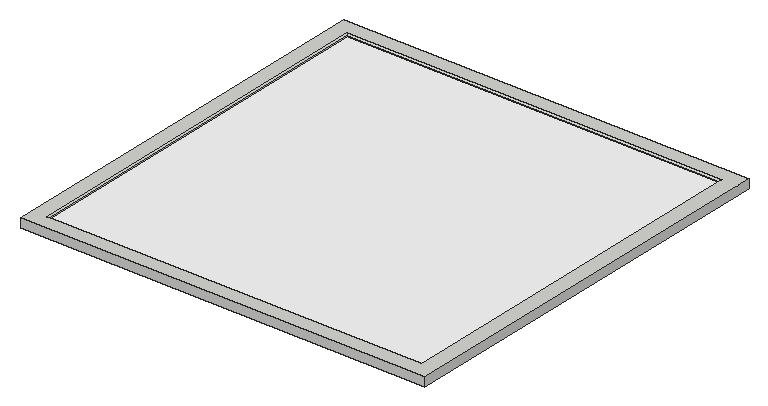
Revit family "Siella_G5 600x600", category Lighting Fixtures, host Face, Revit 2018
Family settings
  Host = Face
  Round Connector Dimension = Use Diameter
  Part Type = Normal
  OmniClass Number = 23.80.70.14
  OmniClass Title = Luminaries for External Lighting
  Cut with Voids When Loaded = No
  Light Source = No
  Shared = Yes
  Room Calculation Point = No
Parameters (values of type "Siella G5 M73 OTA19 LED3400-830 ET")
  w_offset = w - 24.2 mm * 2  # 546.6 mm
  w = 595 mm
  l_offset = l - 24.2 mm * 2  # 546.6 mm
  Light Source = Siella_G5_LS : TX060598
  LS_offset = 1 mm  # constant formula
  l = 595 mm
  h = 13 mm
  Weight = 2
  URL = "http://www.trilux.com/TOC/7164840"
  TOC = "7164840"
  TK = "10175383"
  Safety class = "I"
  SEO = TRILUX_WH_3000
  Model = ""
  Mat = TRILUX_RAL9016
  Manufacturer = "TRILUX"  # constant formula
  Luminous flux of luminaire (lm) = "3400"
  Lamp_0 = "LED"
  Lamp = Lamp_0  # "LED"
  Dimming/Balast = "ET"
  Degree of protection = "IP40"
  Default Elevation = 0 mm
  Connection Load = 33 VA
  Colour temperature (K) = "3000"
  Color = "RAL9016 Verkehrsweiß"
  CRI = "80"
  CENFluxCode = "58 85 97 100 100 0 0 0 0"
  Apparent Load = Connection Load  # 33 VA
Types (16, lengths in mm): name | Light Source | Weight | URL | TOC | TK | SEO | Luminous flux of luminaire (lm) | Dimming/Balast | Colour temperature (K) | CENFluxCode
  Siella G5 M73 OTA22 LED3600-840 ETDD TWW | Siella_G5_LS : TX060605 | 2.2 | "http://www.trilux.com/TOC/7164551" | "7164551" | "10175378" | TRILUX_WH_4000 | "3600" | "ETDD" | "4000" | "47 78 95 100 100 0 0 0 0"
  Siella G5 M73 OTA22 LED3600-840 ET TWW | Siella_G5_LS : TX060605 | 2.2 | "http://www.trilux.com/TOC/7164540" | "7164540" | "10175377" | TRILUX_WH_4000 | "3600" | "ET" | "4000" | "47 78 95 100 100 0 0 0 0"
  Siella G5 M73 OTA22 LED3600-840 ETDD | Siella_G5_LS : TX060604 | 2 | "http://www.trilux.com/TOC/7164451" | "7164451" | "10175376" | TRILUX_WH_4000 | "3600" | "ETDD" | "4000" | "47 78 95 100 100 0 0 0 0"
  Siella G5 M73 OTA22 LED3600-840 ET | Siella_G5_LS : TX060604 | 2 | "http://www.trilux.com/TOC/7164440" | "7164440" | "10175375" | TRILUX_WH_4000 | "3600" | "ET" | "4000" | "47 78 95 100 100 0 0 0 0"
  Siella G5 M73 OTA22 LED3400-830 ETDD TWW | Siella_G5_LS : TX060603 | 2.2 | "http://www.trilux.com/TOC/7164351" | "7164351" | "10175374" | TRILUX_WH_3000 | "3400" | "ETDD" | "3000" | "47 78 95 100 100 0 0 0 0"
  Siella G5 M73 OTA22 LED3400-830 ET TWW | Siella_G5_LS : TX060603 | 2.2 | "http://www.trilux.com/TOC/7164340" | "7164340" | "10175373" | TRILUX_WH_3000 | "3400" | "ET" | "3000" | "47 78 95 100 100 0 0 0 0"
  Siella G5 M73 OTA22 LED3400-830 ETDD | Siella_G5_LS : TX060602 | 2 | "http://www.trilux.com/TOC/7164251" | "7164251" | "10175372" | TRILUX_WH_3000 | "3400" | "ETDD" | "3000" | "47 78 95 100 100 0 0 0 0"
  Siella G5 M73 OTA22 LED3400-830 ET | Siella_G5_LS : TX060602 | 2 | "http://www.trilux.com/TOC/7164240" | "7164240" | "10175371" | TRILUX_WH_3000 | "3400" | "ET" | "3000" | "47 78 95 100 100 0 0 0 0"
  Siella G5 M73 OTA19 LED3600-840 ETDD TWW | Siella_G5_LS : TX060601 | 2.2 | "http://www.trilux.com/TOC/7165151" | "7165151" | "10175390" | TRILUX_WH_4000 | "3600" | "ETDD" | "4000" | "58 85 97 100 100 0 0 0 0"
  Siella G5 M73 OTA19 LED3600-840 ET TWW | Siella_G5_LS : TX060601 | 2.2 | "http://www.trilux.com/TOC/7165140" | "7165140" | "10175388" | TRILUX_WH_4000 | "3600" | "ET" | "4000" | "58 85 97 100 100 0 0 0 0"
  Siella G5 M73 OTA19 LED3600-840 ETDD | Siella_G5_LS : TX060600 | 2 | "http://www.trilux.com/TOC/7165051" | "7165051" | "10175389" | TRILUX_WH_4000 | "3600" | "ETDD" | "4000" | "58 85 97 100 100 0 0 0 0"
  Siella G5 M73 OTA19 LED3600-840 ET | Siella_G5_LS : TX060600 | 2 | "http://www.trilux.com/TOC/7165040" | "7165040" | "10175387" | TRILUX_WH_4000 | "3600" | "ET" | "4000" | "58 85 97 100 100 0 0 0 0"
  Siella G5 M73 OTA19 LED3400-830 ETDD TWW | Siella_G5_LS : TX060599 | 2.2 | "http://www.trilux.com/TOC/7164951" | "7164951" | "10175386" | TRILUX_WH_3000 | "3400" | "ETDD" | "3000" | "58 85 97 100 100 0 0 0 0"
  Siella G5 M73 OTA19 LED3400-830 ET TWW | Siella_G5_LS : TX060599 | 2 | "http://www.trilux.com/TOC/7164940" | "7164940" | "10175384" | TRILUX_WH_3000 | "3400" | "ET" | "3000" | "58 85 97 100 100 0 0 0 0"
  Siella G5 M73 OTA19 LED3400-830 ETDD | Siella_G5_LS : TX060598 | 2 | "http://www.trilux.com/TOC/7164851" | "7164851" | "10175385" | TRILUX_WH_3000 | "3400" | "ETDD" | "3000" | "58 85 97 100 100 0 0 0 0"
  Siella G5 M73 OTA19 LED3400-830 ET | Siella_G5_LS : TX060598 | 2 | "http://www.trilux.com/TOC/7164840" | "7164840" | "10175383" | TRILUX_WH_3000 | "3400" | "ET" | "3000" | "58 85 97 100 100 0 0 0 0"
Reference planes
  plane 1 "Center (Front/Back)": y = 0
  plane 2: z = 0
  plane 3 "Center (Left/Right)": x = 0
  plane 4: x = 297.5
  plane 5: x = -297.5
  plane 6: y = 297.5
  plane 7: y = -297.5
  plane 8 "h": z = -13
  plane 9: x = -273.3
  plane 10: x = 273.3
  plane 11: y = -273.3
  plane 12: y = 273.3
Forms (mm)
  Extrusion 1, void
    sketch origin (0, 0, 0) x (1, 0, 0) y (0, 1, 0)
      loop
        line (-297.5, 297.5) -> (-297.5, -297.5) -> (297.5, -297.5) -> (297.5, 297.5) -> (-297.5, 297.5)
    from 0 to -50
  Sweep 2, solid, material "TRILUX_RAL9016" <- "Mat"
    path origin (0, 0, 0) x (1, 0, 0) y (0, 1, 0)
      loop
        line (-297.5, 297.5) -> (-297.5, -297.5) -> (297.5, -297.5) -> (297.5, 297.5) -> (-297.5, 297.5)
    profile origin (0, 297.5, 0) x (0, 1, 0) y (0, 0, 1)
      loop
        line (0, 0) -> (-22, 0) -> (-24.2, -2.2) -> (-24.2, -13) -> (0, -13) -> (0, 0)
  Extrusion 3, solid, material "TRILUX_RAL9016" <- "Mat"
    sketch origin (0, 0, -13) x (-1, 0, 0) y (0, -1, 0)
      loop
        line (273.3, -273.3) -> (273.3, 273.3) -> (-273.3, 273.3) -> (-273.3, -273.3) -> (273.3, -273.3)
    from 0 to 6.5
  Extrusion 4, solid, material "TRILUX_WH_3000" <- "SEO"
    sketch origin (0, 0, -6.5) x (-1, 0, 0) y (0, -1, 0)
      loop
        line (273.3, -273.3) -> (273.3, 273.3) -> (-273.3, 273.3) -> (-273.3, -273.3) -> (273.3, -273.3)
    from 0 to 4.3
Cuts and joins
  joined: Sweep 2, Extrusion 3
Dimensions and locks
  equal spacing: plane 7, plane 1 "Center (Front/Back)", plane 6
  "w": plane 7 to plane 6
  equal spacing: plane 5, plane 3 "Center (Left/Right)", plane 4
  "l": plane 5 to plane 4
  "h": level to plane 8 "h"
  "w_offset": plane 12 to plane 11
  equal spacing: plane 12, plane 1 "Center (Front/Back)", plane 11
  "l_offset": plane 9 to plane 10
  equal spacing: plane 9, plane 3 "Center (Left/Right)", plane 10
  locked: connector elem to cut or joined group of Sweep 2, Extrusion 3 at 25  (x2)
  aligned and locked: plane 2 to host face
  aligned and locked: level to host face
  aligned and locked: plane 6 to Extrusion 1 sketch curve
  aligned and locked: plane 5 to Extrusion 1 sketch curve
  aligned and locked: Extrusion 1 sketch curve to plane 7
  aligned and locked: Extrusion 1 sketch curve to plane 4
  aligned and locked: plane 6 to Sweep 2 sketch curve
  aligned and locked: plane 5 to Sweep 2 sketch curve
  aligned and locked: Sweep 2 sketch curve to plane 7
  aligned and locked: Sweep 2 sketch curve to plane 4
  aligned and locked: Sweep 2 sketch curve to plane 12
  aligned and locked: Sweep 2 sketch curve to plane 6
  aligned and locked: Sweep 2 sketch curve to level
  aligned and locked: Extrusion 3 sketch curve to Sweep 2  (x4)
  aligned and locked: Extrusion 3 to plane 8 "h"
  aligned and locked: Extrusion 4 sketch curve to cut or joined group of Sweep 2, Extrusion 3  (x4)
  aligned and locked: Extrusion 4 to cut or joined group of Sweep 2, Extrusion 3
Automatic sketch dimensions
  host sketch curve to host sketch curve = 2438.4 mm  (x2)
  Sweep 2 sketch curve to level = 2.2 mm
  Sweep 2 sketch curve to Sweep 2 sketch curve = 2.2 mm
  Sweep 2 sketch curve to Sweep 2 sketch curve = 13 mm
Nested families
  nested 1: "Siella_G5_LS" at (0, 0, 1), built-in parameter 1001364 <- "LS_offset", type <- "Light Source", type "TX060598"
Connectors
  electrical at (-248.3, -248.3, -13), driven by "Apparent Load"
    settings: index 1, voltage 230 V, apparent load 0 VA, apparent load phase1 33 VA, apparent load phase2 0 VA, apparent load phase3 0 VA, power factor 1, load classification "Sonstige", number of poles 1, system type 31, power factor state 1, is connector primary yes, connector utility no, sub classification motor no, connector description ""
Definition of nested family "Siella_G5_LS"
  Parameters (values of type "TX060609")
    Wattage = 24.2356 W
    built-in parameter 1150110 = 1 (stored number, unit not read)
    built-in parameter 1114217 = 1 (stored number, unit not read)
    Tilt Angle = -90.00°
    built-in parameter 1150109 = 1 (stored number, unit not read)
    built-in parameter 1150134 = 12
    built-in parameter 1150113 = 1 (stored number, unit not read)
    Photometric Web File = "TX060597.ies"
    built-in parameter 1150142 = "IESNA:LM-63-1995\r\n[TEST] \"R218152EkL\" BY: TRILUX LIS - Leuchten-Informationssystem\r\n[DATE] \"26.03.2018-K”stens\"\r\n[MANUFAC] TRILUX GmbH & Co. KG\r\n[LUMCAT] Siella G5 M46 OTA19 LED3600-840\r\n[LUMINAIRE]\r\n[LAMPCAT] 1 x LED\r\n[LAMP] 1 x LED\r\nTILT=NONE\r\n1 3600 3.6 73 37 1 2 1.147 0.247 0.000\r\n1.00 1.00 33.0\r\n0 2.5 5 7.5 10 12.5 15 17.5 20 22.5 25 27.5 30 32.5 35 37.5 40 42.5 45 47.5 \r\n50 52.5 55 57.5 60 62.5 65 67.5 70 72.5 75 77.5 80 82.5 85 87.5 90 92.5 95 \r\n97.5 100 102.5 105 107.5 110 112.5 115 117.5 120 122.5 125 127.5 130 132.5 \r\n135 137.5 140 142.5 145 147.5 150 152.5 155 157.5 160 162.5 165 167.5 170 \r\n172.5 175 177.5 180 \r\n0 2.5 5 7.5 10 12.5 15 17.5 20 22.5 25 27.5 30 32.5 35 37.5 40 42.5 45 47.5 \r\n50 52.5 55 57.5 60 62.5 65 67.5 70 72.5 75 77.5 80 82.5 85 87.5 90 \r\n503.76 503.76 501.35 496.74 489.72 480.69 469.45 456.51 441.57 424.31 404.85 \r\n383.09 359.91 335.24 310.26 285.48 261.61 239.04 217.77 198.11 179.96 163 \r\n147.16 132.31 118.17 104.72 81.25 70.45 60.13 50.21 40.96 32.21 24.13 16.74 \r\n10.02 4.09 .39 0 0 0 0 0 0 0 0 0 0 0 0 0 0 0 0 0 0 0 0 0 0 0 0 0 0 0 0 0 0 0 \r\n0 0 0 0 0 \r\n503.76 503.76 501.35 496.74 489.72 480.69 469.45 456.51 441.57 424.31 404.85 \r\n383.09 359.91 335.24 310.26 285.48 261.61 239.04 217.77 198.11 179.96 163 \r\n147.16 132.31 118.17 104.72 81.25 70.45 60.13 50.21 40.96 32.21 24.13 16.74 \r\n10.02 4.09 .39 0 0 0 0 0 0 0 0 0 0 0 0 0 0 0 0 0 0 0 0 0 0 0 0 0 0 0 0 0 0 0 \r\n0 0 0 0 0 \r\n503.76 503.76 501.35 496.74 489.72 480.69 469.45 456.51 441.57 424.31 404.85 \r\n383.09 359.91 335.24 310.26 285.48 261.61 239.04 217.77 198.11 179.96 163 \r\n147.16 132.31 118.17 104.72 81.25 70.45 60.13 50.21 40.96 32.21 24.13 16.74 \r\n10.02 4.09 .39 0 0 0 0 0 0 0 0 0 0 0 0 0 0 0 0 0 0 0 0 0 0 0 0 0 0 0 0 0 0 0 \r\n0 0 0 0 0 \r\n503.76 503.76 501.35 496.74 489.72 480.69 469.45 456.51 441.57 424.31 404.85 \r\n383.09 359.91 335.24 310.26 285.48 261.61 239.04 217.77 198.11 179.96 163 \r\n147.16 132.31 118.17 104.72 81.25 70.45 60.13 50.21 40.96 32.21 24.13 16.74 \r\n10.02 4.09 .39 0 0 0 0 0 0 0 0 0 0 0 0 0 0 0 0 0 0 0 0 0 0 0 0 0 0 0 0 0 0 0 \r\n0 0 0 0 0 \r\n503.76 503.76 501.35 496.74 489.72 480.69 469.45 456.51 441.57 424.31 404.85 \r\n383.09 359.91 335.24 310.26 285.48 261.61 239.04 217.77 198.11 179.96 163 \r\n147.16 132.31 118.17 104.72 81.25 70.45 60.13 50.21 40.96 32.21 24.13 16.74 \r\n10.02 4.09 .39 0 0 0 0 0 0 0 0 0 0 0 0 0 0 0 0 0 0 0 0 0 0 0 0 0 0 0 0 0 0 0 \r\n0 0 0 0 0 \r\n503.76 503.76 501.35 496.74 489.72 480.69 469.45 456.51 441.57 424.31 404.85 \r\n383.09 359.91 335.24 310.26 285.48 261.61 239.04 217.77 198.11 179.96 163 \r\n147.16 132.31 118.17 104.72 81.25 70.45 60.13 50.21 40.96 32.21 24.13 16.74 \r\n10.02 4.09 .39 0 0 0 0 0 0 0 0 0 0 0 0 0 0 0 0 0 0 0 0 0 0 0 0 0 0 0 0 0 0 0 \r\n0 0 0 0 0 \r\n503.76 503.76 501.35 496.74 489.72 480.69 469.45 456.51 441.57 424.31 404.85 \r\n383.09 359.91 335.24 310.26 285.48 261.61 239.04 217.77 198.11 179.96 163 \r\n147.16 132.31 118.17 104.72 81.25 70.45 60.13 50.21 40.96 32.21 24.13 16.74 \r\n10.02 4.09 .39 0 0 0 0 0 0 0 0 0 0 0 0 0 0 0 0 0 0 0 0 0 0 0 0 0 0 0 0 0 0 0 \r\n0 0 0 0 0 \r\n503.76 503.76 501.35 496.74 489.72 480.69 469.45 456.51 441.57 424.31 404.85 \r\n383.09 359.91 335.24 310.26 285.48 261.61 239.04 217.77 198.11 179.96 163 \r\n147.16 132.31 118.17 104.72 81.25 70.45 60.13 50.21 40.96 32.21 24.13 16.74 \r\n10.02 4.09 .39 0 0 0 0 0 0 0 0 0 0 0 0 0 0 0 0 0 0 0 0 0 0 0 0 0 0 0 0 0 0 0 \r\n0 0 0 0 0 \r\n503.76 503.76 501.35 496.74 489.72 480.69 469.45 456.51 441.57 424.31 404.85 \r\n383.09 359.91 335.24 310.26 285.48 261.61 239.04 217.77 198.11 179.96 163 \r\n147.16 132.31 118.17 104.72 81.25 70.45 60.13 50.21 40.96 32.21 24.13 16.74 \r\n10.02 4.09 .39 0 0 0 0 0 0 0 0 0 0 0 0 0 0 0 0 0 0 0 0 0 0 0 0 0 0 0 0 0 0 0 \r\n0 0 0 0 0 \r\n503.76 503.76 501.35 496.74 489.72 480.69 469.45 456.51 441.57 424.31 404.85 \r\n383.09 359.91 335.24 310.26 285.48 261.61 239.04 217.77 198.11 179.96 163 \r\n147.16 132.31 118.17 104.72 81.25 70.45 60.13 50.21 40.96 32.21 24.13 16.74 \r\n10.02 4.09 .39 0 0 0 0 0 0 0 0 0 0 0 0 0 0 0 0 0 0 0 0 0 0 0 0 0 0 0 0 0 0 0 \r\n0 0 0 0 0 \r\n503.76 503.76 501.35 496.74 489.72 480.69 469.45 456.51 441.57 424.31 404.85 \r\n383.09 359.91 335.24 310.26 285.48 261.61 239.04 217.77 198.11 179.96 163 \r\n147.16 132.31 118.17 104.72 81.25 70.45 60.13 50.21 40.96 32.21 24.13 16.74 \r\n10.02 4.09 .39 0 0 0 0 0 0 0 0 0 0 0 0 0 0 0 0 0 0 0 0 0 0 0 0 0 0 0 0 0 0 0 \r\n0 0 0 0 0 \r\n503.76 503.76 501.35 496.74 489.72 480.69 469.45 456.51 441.57 424.31 404.85 \r\n383.09 359.91 335.24 310.26 285.48 261.61 239.04 217.77 198.11 179.96 163 \r\n147.16 132.31 118.17 104.72 81.25 70.45 60.13 50.21 40.96 32.21 24.13 16.74 \r\n10.02 4.09 .39 0 0 0 0 0 0 0 0 0 0 0 0 0 0 0 0 0 0 0 0 0 0 0 0 0 0 0 0 0 0 0 \r\n0 0 0 0 0 \r\n503.76 503.76 501.35 496.74 489.72 480.69 469.45 456.51 441.57 424.31 404.85 \r\n383.09 359.91 335.24 310.26 285.48 261.61 239.04 217.77 198.11 179.96 163 \r\n147.16 132.31 118.17 104.72 81.25 70.45 60.13 50.21 40.96 32.21 24.13 16.74 \r\n10.02 4.09 .39 0 0 0 0 0 0 0 0 0 0 0 0 0 0 0 0 0 0 0 0 0 0 0 0 0 0 0 0 0 0 0 \r\n0 0 0 0 0 \r\n503.76 503.76 501.35 496.74 489.72 480.69 469.45 456.51 441.57 424.31 404.85 \r\n383.09 359.91 335.24 310.26 285.48 261.61 239.04 217.77 198.11 179.96 163 \r\n147.16 132.31 118.17 104.72 81.25 70.45 60.13 50.21 40.96 32.21 24.13 16.74 \r\n10.02 4.09 .39 0 0 0 0 0 0 0 0 0 0 0 0 0 0 0 0 0 0 0 0 0 0 0 0 0 0 0 0 0 0 0 \r\n0 0 0 0 0 \r\n503.76 503.76 501.35 496.74 489.72 480.69 469.45 456.51 441.57 424.31 404.85 \r\n383.09 359.91 335.24 310.26 285.48 261.61 239.04 217.77 198.11 179.96 163 \r\n147.16 132.31 118.17 104.72 81.25 70.45 60.13 50.21 40.96 32.21 24.13 16.74 \r\n10.02 4.09 .39 0 0 0 0 0 0 0 0 0 0 0 0 0 0 0 0 0 0 0 0 0 0 0 0 0 0 0 0 0 0 0 \r\n0 0 0 0 0 \r\n503.76 503.76 501.35 496.74 489.72 480.69 469.45 456.51 441.57 424.31 404.85 \r\n383.09 359.91 335.24 310.26 285.48 261.61 239.04 217.77 198.11 179.96 163 \r\n147.16 132.31 118.17 104.72 81.25 70.45 60.13 50.21 40.96 32.21 24.13 16.74 \r\n10.02 4.09 .39 0 0 0 0 0 0 0 0 0 0 0 0 0 0 0 0 0 0 0 0 0 0 0 0 0 0 0 0 0 0 0 \r\n0 0 0 0 0 \r\n503.76 503.76 501.35 496.74 489.72 480.69 469.45 456.51 441.57 424.31 404.85 \r\n383.09 359.91 335.24 310.26 285.48 261.61 239.04 217.77 198.11 179.96 163 \r\n147.16 132.31 118.17 104.72 81.25 70.45 60.13 50.21 40.96 32.21 24.13 16.74 \r\n10.02 4.09 .39 0 0 0 0 0 0 0 0 0 0 0 0 0 0 0 0 0 0 0 0 0 0 0 0 0 0 0 0 0 0 0 \r\n0 0 0 0 0 \r\n503.76 503.76 501.35 496.74 489.72 480.69 469.45 456.51 441.57 424.31 404.85 \r\n383.09 359.91 335.24 310.26 285.48 261.61 239.04 217.77 198.11 179.96 163 \r\n147.16 132.31 118.17 104.72 81.25 70.45 60.13 50.21 40.96 32.21 24.13 16.74 \r\n10.02 4.09 .39 0 0 0 0 0 0 0 0 0 0 0 0 0 0 0 0 0 0 0 0 0 0 0 0 0 0 0 0 0 0 0 \r\n0 0 0 0 0 \r\n503.76 503.76 501.35 496.74 489.72 480.69 469.45 456.51 441.57 424.31 404.85 \r\n383.09 359.91 335.24 310.26 285.48 261.61 239.04 217.77 198.11 179.96 163 \r\n147.16 132.31 118.17 104.72 81.25 70.45 60.13 50.21 40.96 32.21 24.13 16.74 \r\n10.02 4.09 .39 0 0 0 0 0 0 0 0 0 0 0 0 0 0 0 0 0 0 0 0 0 0 0 0 0 0 0 0 0 0 0 \r\n0 0 0 0 0 \r\n503.76 503.76 501.35 496.74 489.72 480.69 469.45 456.51 441.57 424.31 404.85 \r\n383.09 359.91 335.24 310.26 285.48 261.61 239.04 217.77 198.11 179.96 163 \r\n147.16 132.31 118.17 104.72 81.25 70.45 60.13 50.21 40.96 32.21 24.13 16.74 \r\n10.02 4.09 .39 0 0 0 0 0 0 0 0 0 0 0 0 0 0 0 0 0 0 0 0 0 0 0 0 0 0 0 0 0 0 0 \r\n0 0 0 0 0 \r\n503.76 503.76 501.35 496.74 489.72 480.69 469.45 456.51 441.57 424.31 404.85 \r\n383.09 359.91 335.24 310.26 285.48 261.61 239.04 217.77 198.11 179.96 163 \r\n147.16 132.31 118.17 104.72 81.25 70.45 60.13 50.21 40.96 32.21 24.13 16.74 \r\n10.02 4.09 .39 0 0 0 0 0 0 0 0 0 0 0 0 0 0 0 0 0 0 0 0 0 0 0 0 0 0 0 0 0 0 0 \r\n0 0 0 0 0 \r\n503.76 503.76 501.35 496.74 489.72 480.69 469.45 456.51 441.57 424.31 404.85 \r\n383.09 359.91 335.24 310.26 285.48 261.61 239.04 217.77 198.11 179.96 163 \r\n147.16 132.31 118.17 104.72 81.25 70.45 60.13 50.21 40.96 32.21 24.13 16.74 \r\n10.02 4.09 .39 0 0 0 0 0 0 0 0 0 0 0 0 0 0 0 0 0 0 0 0 0 0 0 0 0 0 0 0 0 0 0 \r\n0 0 0 0 0 \r\n503.76 503.76 501.35 496.74 489.72 480.69 469.45 456.51 441.57 424.31 404.85 \r\n383.09 359.91 335.24 310.26 285.48 261.61 239.04 217.77 198.11 179.96 163 \r\n147.16 132.31 118.17 104.72 81.25 70.45 60.13 50.21 40.96 32.21 24.13 16.74 \r\n10.02 4.09 .39 0 0 0 0 0 0 0 0 0 0 0 0 0 0 0 0 0 0 0 0 0 0 0 0 0 0 0 0 0 0 0 \r\n0 0 0 0 0 \r\n503.76 503.76 501.35 496.74 489.72 480.69 469.45 456.51 441.57 424.31 404.85 \r\n383.09 359.91 335.24 310.26 285.48 261.61 239.04 217.77 198.11 179.96 163 \r\n147.16 132.31 118.17 104.72 81.25 70.45 60.13 50.21 40.96 32.21 24.13 16.74 \r\n10.02 4.09 .39 0 0 0 0 0 0 0 0 0 0 0 0 0 0 0 0 0 0 0 0 0 0 0 0 0 0 0 0 0 0 0 \r\n0 0 0 0 0 \r\n503.76 503.76 501.35 496.74 489.72 480.69 469.45 456.51 441.57 424.31 404.85 \r\n383.09 359.91 335.24 310.26 285.48 261.61 239.04 217.77 198.11 179.96 163 \r\n147.16 132.31 118.17 104.72 81.25 70.45 60.13 50.21 40.96 32.21 24.13 16.74 \r\n10.02 4.09 .39 0 0 0 0 0 0 0 0 0 0 0 0 0 0 0 0 0 0 0 0 0 0 0 0 0 0 0 0 0 0 0 \r\n0 0 0 0 0 \r\n503.76 503.76 501.35 496.74 489.72 480.69 469.45 456.51 441.57 424.31 404.85 \r\n383.09 359.91 335.24 310.26 285.48 261.61 239.04 217.77 198.11 179.96 163 \r\n147.16 132.31 118.17 104.72 81.25 70.45 60.13 50.21 40.96 32.21 24.13 16.74 \r\n10.02 4.09 .39 0 0 0 0 0 0 0 0 0 0 0 0 0 0 0 0 0 0 0 0 0 0 0 0 0 0 0 0 0 0 0 \r\n0 0 0 0 0 \r\n503.76 503.76 501.35 496.74 489.72 480.69 469.45 456.51 441.57 424.31 404.85 \r\n383.09 359.91 335.24 310.26 285.48 261.61 239.04 217.77 198.11 179.96 163 \r\n147.16 132.31 118.17 104.72 81.25 70.45 60.13 50.21 40.96 32.21 24.13 16.74 \r\n10.02 4.09 .39 0 0 0 0 0 0 0 0 0 0 0 0 0 0 0 0 0 0 0 0 0 0 0 0 0 0 0 0 0 0 0 \r\n0 0 0 0 0 \r\n503.76 503.76 501.35 496.74 489.72 480.69 469.45 456.51 441.57 424.31 404.85 \r\n383.09 359.91 335.24 310.26 285.48 261.61 239.04 217.77 198.11 179.96 163 \r\n147.16 132.31 118.17 104.72 81.25 70.45 60.13 50.21 40.96 32.21 24.13 16.74 \r\n10.02 4.09 .39 0 0 0 0 0 0 0 0 0 0 0 0 0 0 0 0 0 0 0 0 0 0 0 0 0 0 0 0 0 0 0 \r\n0 0 0 0 0 \r\n503.76 503.76 501.35 496.74 489.72 480.69 469.45 456.51 441.57 424.31 404.85 \r\n383.09 359.91 335.24 310.26 285.48 261.61 239.04 217.77 198.11 179.96 163 \r\n147.16 132.31 118.17 104.72 81.25 70.45 60.13 50.21 40.96 32.21 24.13 16.74 \r\n10.02 4.09 .39 0 0 0 0 0 0 0 0 0 0 0 0 0 0 0 0 0 0 0 0 0 0 0 0 0 0 0 0 0 0 0 \r\n0 0 0 0 0 \r\n503.76 503.76 501.35 496.74 489.72 480.69 469.45 456.51 441.57 424.31 404.85 \r\n383.09 359.91 335.24 310.26 285.48 261.61 239.04 217.77 198.11 179.96 163 \r\n147.16 132.31 118.17 104.72 81.25 70.45 60.13 50.21 40.96 32.21 24.13 16.74 \r\n10.02 4.09 .39 0 0 0 0 0 0 0 0 0 0 0 0 0 0 0 0 0 0 0 0 0 0 0 0 0 0 0 0 0 0 0 \r\n0 0 0 0 0 \r\n503.76 503.76 501.35 496.74 489.72 480.69 469.45 456.51 441.57 424.31 404.85 \r\n383.09 359.91 335.24 310.26 285.48 261.61 239.04 217.77 198.11 179.96 163 \r\n147.16 132.31 118.17 104.72 81.25 70.45 60.13 50.21 40.96 32.21 24.13 16.74 \r\n10.02 4.09 .39 0 0 0 0 0 0 0 0 0 0 0 0 0 0 0 0 0 0 0 0 0 0 0 0 0 0 0 0 0 0 0 \r\n0 0 0 0 0 \r\n503.76 503.76 501.35 496.74 489.72 480.69 469.45 456.51 441.57 424.31 404.85 \r\n383.09 359.91 335.24 310.26 285.48 261.61 239.04 217.77 198.11 179.96 163 \r\n147.16 132.31 118.17 104.72 81.25 70.45 60.13 50.21 40.96 32.21 24.13 16.74 \r\n10.02 4.09 .39 0 0 0 0 0 0 0 0 0 0 0 0 0 0 0 0 0 0 0 0 0 0 0 0 0 0 0 0 0 0 0 \r\n0 0 0 0 0 \r\n503.76 503.76 501.35 496.74 489.72 480.69 469.45 456.51 441.57 424.31 404.85 \r\n383.09 359.91 335.24 310.26 285.48 261.61 239.04 217.77 198.11 179.96 163 \r\n147.16 132.31 118.17 104.72 81.25 70.45 60.13 50.21 40.96 32.21 24.13 16.74 \r\n10.02 4.09 .39 0 0 0 0 0 0 0 0 0 0 0 0 0 0 0 0 0 0 0 0 0 0 0 0 0 0 0 0 0 0 0 \r\n0 0 0 0 0 \r\n503.76 503.76 501.35 496.74 489.72 480.69 469.45 456.51 441.57 424.31 404.85 \r\n383.09 359.91 335.24 310.26 285.48 261.61 239.04 217.77 198.11 179.96 163 \r\n147.16 132.31 118.17 104.72 81.25 70.45 60.13 50.21 40.96 32.21 24.13 16.74 \r\n10.02 4.09 .39 0 0 0 0 0 0 0 0 0 0 0 0 0 0 0 0 0 0 0 0 0 0 0 0 0 0 0 0 0 0 0 \r\n0 0 0 0 0 \r\n503.76 503.76 501.35 496.74 489.72 480.69 469.45 456.51 441.57 424.31 404.85 \r\n383.09 359.91 335.24 310.26 285.48 261.61 239.04 217.77 198.11 179.96 163 \r\n147.16 132.31 118.17 104.72 81.25 70.45 60.13 50.21 40.96 32.21 24.13 16.74 \r\n10.02 4.09 .39 0 0 0 0 0 0 0 0 0 0 0 0 0 0 0 0 0 0 0 0 0 0 0 0 0 0 0 0 0 0 0 \r\n0 0 0 0 0 \r\n503.76 503.76 501.35 496.74 489.72 480.69 469.45 456.51 441.57 424.31 404.85 \r\n383.09 359.91 335.24 310.26 285.48 261.61 239.04 217.77 198.11 179.96 163 \r\n147.16 132.31 118.17 104.72 81.25 70.45 60.13 50.21 40.96 32.21 24.13 16.74 \r\n10.02 4.09 .39 0 0 0 0 0 0 0 0 0 0 0 0 0 0 0 0 0 0 0 0 0 0 0 0 0 0 0 0 0 0 0 \r\n0 0 0 0 0 \r\n503.76 503.76 501.35 496.74 489.72 480.69 469.45 456.51 441.57 424.31 404.85 \r\n383.09 359.91 335.24 310.26 285.48 261.61 239.04 217.77 198.11 179.96 163 \r\n147.16 132.31 118.17 104.72 81.25 70.45 60.13 50.21 40.96 32.21 24.13 16.74 \r\n10.02 4.09 .39 0 0 0 0 0 0 0 0 0 0 0 0 0 0 0 0 0 0 0 0 0 0 0 0 0 0 0 0 0 0 0 \r\n0 0 0 0 0 \r\n503.76 503.76 501.35 496.74 489.72 480.69 469.45 456.51 441.57 424.31 404.85 \r\n383.09 359.91 335.24 310.26 285.48 261.61 239.04 217.77 198.11 179.96 163 \r\n147.16 132.31 118.17 104.72 81.25 70.45 60.13 50.21 40.96 32.21 24.13 16.74 \r\n10.02 4.09 .39 0 0 0 0 0 0 0 0 0 0 0 0 0 0 0 0 0 0 0 0 0 0 0 0 0 0 0 0 0 0 0 \r\n0 0 0 0 0 \r\n\r\n"
    Lumens = 3600 lm
    built-in parameter 1150115 = 1 (stored number, unit not read)
    built-in parameter 1150105 = 286.48 (stored number, unit not read)
    built-in parameter 1150137 = (empty or 0)
    built-in parameter 1150139 = (empty or 0)
    built-in parameter 1150112 = 1 (stored number, unit not read)
    built-in parameter 1150114 = 1 (stored number, unit not read)
    built-in parameter 1150132 = 2
    built-in parameter 1150102 = (empty or 0)
    built-in parameter 1150138 = (empty or 0)
    built-in parameter 1150107 = 4000 (stored number, unit not read)
    built-in parameter 1150106 = 2.8648 (stored number, unit not read)
    built-in parameter 1150104 = 13.8 (stored number, unit not read)
    Dimming Lamp Color Temperature Shift = (empty or 0)
    Color Filter = 16777215
    built-in parameter 1114218 = 1 (stored number, unit not read)
    built-in parameter 1150133 = 10 (stored number, unit not read)
  Types (14): name
    TX000000
    TX060597
    TX060598
    TX060599
    TX060600
    TX060601
    TX060602
    TX060603
    TX060604
    TX060605
    TX060606
    TX060607
    TX060608
    TX060609
  Reference planes
    plane 1 "Light Source Axis (F/B)": y = 0
    plane 2: z = 0
    plane 3 "Light Source Axis (L/R)": x = 0
    plane 4 "Light Source Elevation": z = 0
  Dimensions and locks
    aligned and locked: plane 3 "Light Source Axis (L/R)" to imposter light
    aligned and locked: plane 1 "Light Source Axis (F/B)" to imposter light
    aligned and locked: plane 4 "Light Source Elevation" to imposter light
    aligned and locked: level to plane 2
